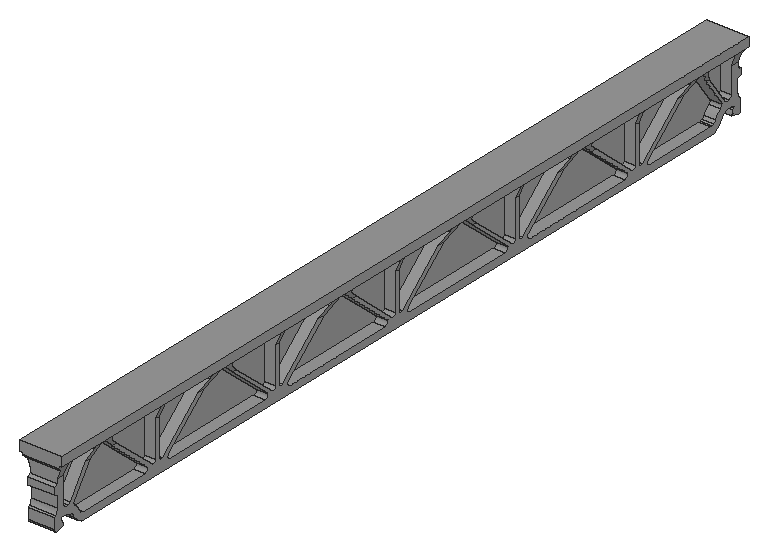
Revit family "CC4_TRANSVERSAL CC TE 1.5_1870035", category Generic Models, Revit 2018
Family settings
  Can host rebar = No
  Round Connector Dimension = Use Diameter
  Part Type = Normal
  OmniClass Number = 35.51.14.00
  OmniClass Title = FORMWORK
  Work Plane-Based = Yes
  Always vertical = No
  Cut with Voids When Loaded = No
  Shared = Yes
  Room Calculation Point = No
Parameters
  VERSION = "20190101"  # constant formula
  URL = "www.ulmaconstruction.com/en"
  UNICLASS = ""
  Manufacturer = "ULMA CONSTRUCTION"  # constant formula
  ITEM_CODE = "1870035"
  FILTER [instance] = ""
  Default Elevation = 0.000 mm
  CLASSIFICATION_TITLE = ""
  CLASSIFICATION_NUMBER = ""
Reference planes
  plane 1 "Centro (Frontal/Posterior)": y = 0
  plane 2: z = 0
  plane 3 "Centro (Izquierda/Derecha)": x = 0
  plane 4 "ITEM_LENGTH": y = 1500
Forms (mm)
  Extrusion 1, solid, material "ULMA POLYPROPYLENE BLACK", detail levels fine
    sketch origin (0, 0, 0) x (1, 0, 0) y (0, 0, 1)
      loop
        line (-32.004, -15) -> (-22, -40.002) -> (-22, -125) -> (22, -125) -> (22, -40.002) -> (32.004, -15) -> (35, -15) -> (35, 0) -> (-35, 0) -> (-35, -15) -> (-32.004, -15)
    from -35 to -1465
  Extrusion 2, void
    sketch origin (0, 1500, 0) x (0, 1, 0) y (0, 0, 1)
      loop
        line (-1446.75, -22) -> (-1446.75, -84)
        arc (-1446.75, -84) -> (-1445.286, -87.536) -> (-1441.75, -89) r 5
        line (-1441.75, -89) -> (-1435.881, -89)
        arc (-1435.881, -89) -> (-1433.573, -88.435) -> (-1431.786, -86.868) r 5
        line (-1431.786, -86.868) -> (-1388.373, -24.868)
        arc (-1388.373, -24.868) -> (-1388.033, -19.691) -> (-1392.468, -17) r 5
        line (-1392.468, -17) -> (-1441.75, -17)
        arc (-1441.75, -17) -> (-1445.286, -18.464) -> (-1446.75, -22) r 5
      loop
        line (-1378.893, -21.791) -> (-1425.046, -87.704)
        arc (-1425.046, -87.704) -> (-1425.872, -91.454) -> (-1423.795, -94.684) r 5
        arc (-1423.795, -94.684) -> (-1417.962, -99.878) -> (-1413.561, -106.332) r 32
        arc (-1413.561, -106.332) -> (-1411.91, -108.649) -> (-1409.674, -110.408) r 10
        line (-1409.674, -110.408) -> (-1406.344, -112.33)
        arc (-1406.344, -112.33) -> (-1405.138, -112.83) -> (-1403.844, -113) r 5
        line (-1403.844, -113) -> (-1274.968, -113)
        arc (-1274.968, -113) -> (-1270.282, -109.744) -> (-1271.699, -104.217) r 5
        line (-1271.699, -104.217) -> (-1368.583, -20.509)
        arc (-1368.583, -20.509) -> (-1374.023, -18.859) -> (-1378.893, -21.791) r 7
      loop
        line (-1353.301, -25.783) -> (-1261.269, -105.299)
        arc (-1261.269, -105.299) -> (-1255.92, -106.062) -> (-1253, -101.516) r 5
        line (-1253, -101.516) -> (-1253, -22)
        arc (-1253, -22) -> (-1254.464, -18.464) -> (-1258, -17) r 5
        line (-1258, -17) -> (-1350.032, -17)
        arc (-1350.032, -17) -> (-1354.718, -20.256) -> (-1353.301, -25.783) r 5
      loop
        line (-1103.301, -25.783) -> (-1011.269, -105.299)
        arc (-1011.269, -105.299) -> (-1005.92, -106.062) -> (-1003, -101.516) r 5
        line (-1003, -101.516) -> (-1003, -22)
        arc (-1003, -22) -> (-1004.464, -18.464) -> (-1008, -17) r 5
        line (-1008, -17) -> (-1100.032, -17)
        arc (-1100.032, -17) -> (-1104.718, -20.256) -> (-1103.301, -25.783) r 5
      loop
        line (-853.301, -25.783) -> (-761.269, -105.299)
        arc (-761.269, -105.299) -> (-755.92, -106.062) -> (-753, -101.516) r 5
        line (-753, -101.516) -> (-753, -22)
        arc (-753, -22) -> (-754.464, -18.464) -> (-758, -17) r 5
        line (-758, -17) -> (-850.032, -17)
        arc (-850.032, -17) -> (-854.718, -20.256) -> (-853.301, -25.783) r 5
      loop
        line (-603.301, -25.783) -> (-511.269, -105.299)
        arc (-511.269, -105.299) -> (-505.92, -106.062) -> (-503, -101.516) r 5
        line (-503, -101.516) -> (-503, -22)
        arc (-503, -22) -> (-504.464, -18.464) -> (-508, -17) r 5
        line (-508, -17) -> (-600.032, -17)
        arc (-600.032, -17) -> (-604.718, -20.256) -> (-603.301, -25.783) r 5
      loop
        line (-353.301, -25.783) -> (-261.269, -105.299)
        arc (-261.269, -105.299) -> (-255.92, -106.062) -> (-253, -101.516) r 5
        line (-253, -101.516) -> (-253, -22)
        arc (-253, -22) -> (-254.464, -18.464) -> (-258, -17) r 5
        line (-258, -17) -> (-350.032, -17)
        arc (-350.032, -17) -> (-354.718, -20.256) -> (-353.301, -25.783) r 5
      loop
        arc (-53.25, -22) -> (-54.714, -18.464) -> (-58.25, -17) r 5
        line (-58.25, -17) -> (-107.532, -17)
        arc (-107.532, -17) -> (-111.967, -19.691) -> (-111.627, -24.868) r 5
        line (-111.627, -24.868) -> (-68.214, -86.868)
        arc (-68.214, -86.868) -> (-66.427, -88.435) -> (-64.119, -89) r 5
        line (-64.119, -89) -> (-58.25, -89)
        arc (-58.25, -89) -> (-54.714, -87.536) -> (-53.25, -84) r 5
        line (-53.25, -84) -> (-53.25, -22)
      loop
        arc (-121.107, -21.791) -> (-125.977, -18.859) -> (-131.417, -20.509) r 7
        line (-131.417, -20.509) -> (-228.301, -104.217)
        arc (-228.301, -104.217) -> (-229.718, -109.744) -> (-225.032, -113) r 5
        line (-225.032, -113) -> (-96.156, -113)
        arc (-96.156, -113) -> (-94.862, -112.83) -> (-93.656, -112.33) r 5
        line (-93.656, -112.33) -> (-90.326, -110.408)
        arc (-90.326, -110.408) -> (-88.09, -108.649) -> (-86.439, -106.332) r 10
        arc (-86.439, -106.332) -> (-82.038, -99.878) -> (-76.205, -94.684) r 32
        arc (-76.205, -94.684) -> (-74.128, -91.454) -> (-74.954, -87.704) r 5
        line (-74.954, -87.704) -> (-121.107, -21.791)
      loop
        arc (-146.699, -25.783) -> (-145.282, -20.256) -> (-149.968, -17) r 5
        line (-149.968, -17) -> (-242, -17)
        arc (-242, -17) -> (-245.536, -18.464) -> (-247, -22) r 5
        line (-247, -22) -> (-247, -101.516)
        arc (-247, -101.516) -> (-244.08, -106.062) -> (-238.731, -105.299) r 5
        line (-238.731, -105.299) -> (-146.699, -25.783)
      loop
        arc (-396.699, -25.783) -> (-395.282, -20.256) -> (-399.968, -17) r 5
        line (-399.968, -17) -> (-492, -17)
        arc (-492, -17) -> (-495.536, -18.464) -> (-497, -22) r 5
        line (-497, -22) -> (-497, -101.516)
        arc (-497, -101.516) -> (-494.08, -106.062) -> (-488.731, -105.299) r 5
        line (-488.731, -105.299) -> (-396.699, -25.783)
      loop
        arc (-646.699, -25.783) -> (-645.282, -20.256) -> (-649.968, -17) r 5
        line (-649.968, -17) -> (-742, -17)
        arc (-742, -17) -> (-745.536, -18.464) -> (-747, -22) r 5
        line (-747, -22) -> (-747, -101.516)
        arc (-747, -101.516) -> (-744.08, -106.062) -> (-738.731, -105.299) r 5
        line (-738.731, -105.299) -> (-646.699, -25.783)
      loop
        arc (-896.699, -25.783) -> (-895.282, -20.256) -> (-899.968, -17) r 5
        line (-899.968, -17) -> (-992, -17)
        arc (-992, -17) -> (-995.536, -18.464) -> (-997, -22) r 5
        line (-997, -22) -> (-997, -101.516)
        arc (-997, -101.516) -> (-994.08, -106.062) -> (-988.731, -105.299) r 5
        line (-988.731, -105.299) -> (-896.699, -25.783)
      loop
        arc (-1146.699, -25.783) -> (-1145.282, -20.256) -> (-1149.968, -17) r 5
        line (-1149.968, -17) -> (-1242, -17)
        arc (-1242, -17) -> (-1245.536, -18.464) -> (-1247, -22) r 5
        line (-1247, -22) -> (-1247, -101.516)
        arc (-1247, -101.516) -> (-1244.08, -106.062) -> (-1238.731, -105.299) r 5
        line (-1238.731, -105.299) -> (-1146.699, -25.783)
      loop
        line (-1129.576, -18.919) -> (-1228.301, -104.217)
        arc (-1228.301, -104.217) -> (-1229.718, -109.744) -> (-1225.032, -113) r 5
        line (-1225.032, -113) -> (-1024.968, -113)
        arc (-1024.968, -113) -> (-1020.282, -109.744) -> (-1021.699, -104.217) r 5
        line (-1021.699, -104.217) -> (-1120.424, -18.919)
        arc (-1120.424, -18.919) -> (-1125, -17.216) -> (-1129.576, -18.919) r 7
      loop
        line (-879.576, -18.919) -> (-978.301, -104.217)
        arc (-978.301, -104.217) -> (-979.718, -109.744) -> (-975.032, -113) r 5
        line (-975.032, -113) -> (-774.968, -113)
        arc (-774.968, -113) -> (-770.282, -109.744) -> (-771.699, -104.217) r 5
        line (-771.699, -104.217) -> (-870.424, -18.919)
        arc (-870.424, -18.919) -> (-875, -17.216) -> (-879.576, -18.919) r 7
      loop
        line (-629.576, -18.919) -> (-728.301, -104.217)
        arc (-728.301, -104.217) -> (-729.718, -109.744) -> (-725.032, -113) r 5
        line (-725.032, -113) -> (-524.968, -113)
        arc (-524.968, -113) -> (-520.282, -109.744) -> (-521.699, -104.217) r 5
        line (-521.699, -104.217) -> (-620.424, -18.919)
        arc (-620.424, -18.919) -> (-625, -17.216) -> (-629.576, -18.919) r 7
      loop
        line (-379.576, -18.919) -> (-478.301, -104.217)
        arc (-478.301, -104.217) -> (-479.718, -109.744) -> (-475.032, -113) r 5
        line (-475.032, -113) -> (-274.968, -113)
        arc (-274.968, -113) -> (-270.282, -109.744) -> (-271.699, -104.217) r 5
        line (-271.699, -104.217) -> (-370.424, -18.919)
        arc (-370.424, -18.919) -> (-375, -17.216) -> (-379.576, -18.919) r 7
    from 1.5 to 35
  Extrusion 3, void
    sketch origin (0, 750, 0) x (0, 1, 0) y (0, 0, 1)
      loop
        line (-708.75, -26.25) -> (-715, -20) -> (-717, -20) -> (-717, -127) -> (-658.399, -127) -> (-658.399, -125) -> (-666.189, -120.503)
        arc (-666.189, -120.503) -> (-670.762, -116.88) -> (-674.095, -112.091) r 20
        arc (-674.095, -112.091) -> (-681.47, -103.997) -> (-692.001, -101) r 20
        line (-692.001, -101) -> (-699.856, -101)
        arc (-699.856, -101) -> (-702.166, -102.543) -> (-701.624, -105.268) r 2.5
        line (-701.624, -105.268) -> (-699.091, -107.8)
        arc (-699.091, -107.8) -> (-697.924, -111.318) -> (-697.501, -115) r 18
        line (-697.501, -115) -> (-708.965, -118.072)
        arc (-708.965, -118.072) -> (-712.435, -117.381) -> (-714, -114.208) r 4
        line (-714, -114.208) -> (-714, -96.421) -> (-711.759, -93.751)
        arc (-711.759, -93.751) -> (-709.155, -89.239) -> (-708.25, -84.109) r 15
        line (-708.25, -84.109) -> (-708.25, -65.553) -> (-714.75, -61.8) -> (-714.75, -50.8) -> (-708.75, -47.336) -> (-708.75, -26.25)
    from -35 to 35
  Extrusion 4, void
    sketch origin (0, 750, 0) x (0, -1, 0) y (0, 0, -1)
      loop
        line (-708.75, 26.25) -> (-708.75, 47.336) -> (-714.75, 50.8) -> (-714.75, 61.8) -> (-708.25, 65.553) -> (-708.25, 84.109)
        arc (-708.25, 84.109) -> (-709.155, 89.239) -> (-711.759, 93.751) r 15
        line (-711.759, 93.751) -> (-714, 96.421) -> (-714, 114.208)
        arc (-714, 114.208) -> (-712.435, 117.381) -> (-708.965, 118.072) r 4
        line (-708.965, 118.072) -> (-697.501, 115)
        arc (-697.501, 115) -> (-697.924, 111.318) -> (-699.091, 107.8) r 18
        line (-699.091, 107.8) -> (-701.624, 105.268)
        arc (-701.624, 105.268) -> (-702.166, 102.543) -> (-699.856, 101) r 2.5
        line (-699.856, 101) -> (-692.001, 101)
        arc (-692.001, 101) -> (-681.47, 103.997) -> (-674.095, 112.091) r 20
        arc (-674.095, 112.091) -> (-670.762, 116.88) -> (-666.189, 120.503) r 20
        line (-666.189, 120.503) -> (-658.399, 125) -> (-658.399, 127) -> (-717, 127) -> (-717, 20) -> (-715, 20) -> (-708.75, 26.25)
    from -35 to 35
  Extrusion 5, void
    sketch origin (0, 1500, 0) x (0, 1, 0) y (0, 0, -1)
      loop
        arc (-1446.75, 22) -> (-1445.286, 18.464) -> (-1441.75, 17) r 5
        line (-1441.75, 17) -> (-1392.468, 17)
        arc (-1392.468, 17) -> (-1388.033, 19.691) -> (-1388.373, 24.868) r 5
        line (-1388.373, 24.868) -> (-1431.786, 86.868)
        arc (-1431.786, 86.868) -> (-1433.573, 88.435) -> (-1435.881, 89) r 5
        line (-1435.881, 89) -> (-1441.75, 89)
        arc (-1441.75, 89) -> (-1445.286, 87.536) -> (-1446.75, 84) r 5
        line (-1446.75, 84) -> (-1446.75, 22)
      loop
        arc (-1378.893, 21.791) -> (-1374.023, 18.859) -> (-1368.583, 20.509) r 7
        line (-1368.583, 20.509) -> (-1271.699, 104.217)
        arc (-1271.699, 104.217) -> (-1270.282, 109.744) -> (-1274.968, 113) r 5
        line (-1274.968, 113) -> (-1403.844, 113)
        arc (-1403.844, 113) -> (-1405.138, 112.83) -> (-1406.344, 112.33) r 5
        line (-1406.344, 112.33) -> (-1409.674, 110.408)
        arc (-1409.674, 110.408) -> (-1411.91, 108.649) -> (-1413.561, 106.332) r 10
        arc (-1413.561, 106.332) -> (-1417.962, 99.878) -> (-1423.795, 94.684) r 32
        arc (-1423.795, 94.684) -> (-1425.872, 91.454) -> (-1425.046, 87.704) r 5
        line (-1425.046, 87.704) -> (-1378.893, 21.791)
      loop
        arc (-1353.301, 25.783) -> (-1354.718, 20.256) -> (-1350.032, 17) r 5
        line (-1350.032, 17) -> (-1258, 17)
        arc (-1258, 17) -> (-1254.464, 18.464) -> (-1253, 22) r 5
        line (-1253, 22) -> (-1253, 101.516)
        arc (-1253, 101.516) -> (-1255.92, 106.062) -> (-1261.269, 105.299) r 5
        line (-1261.269, 105.299) -> (-1353.301, 25.783)
      loop
        arc (-1103.301, 25.783) -> (-1104.718, 20.256) -> (-1100.032, 17) r 5
        line (-1100.032, 17) -> (-1008, 17)
        arc (-1008, 17) -> (-1004.464, 18.464) -> (-1003, 22) r 5
        line (-1003, 22) -> (-1003, 101.516)
        arc (-1003, 101.516) -> (-1005.92, 106.062) -> (-1011.269, 105.299) r 5
        line (-1011.269, 105.299) -> (-1103.301, 25.783)
      loop
        arc (-853.301, 25.783) -> (-854.718, 20.256) -> (-850.032, 17) r 5
        line (-850.032, 17) -> (-758, 17)
        arc (-758, 17) -> (-754.464, 18.464) -> (-753, 22) r 5
        line (-753, 22) -> (-753, 101.516)
        arc (-753, 101.516) -> (-755.92, 106.062) -> (-761.269, 105.299) r 5
        line (-761.269, 105.299) -> (-853.301, 25.783)
      loop
        arc (-603.301, 25.783) -> (-604.718, 20.256) -> (-600.032, 17) r 5
        line (-600.032, 17) -> (-508, 17)
        arc (-508, 17) -> (-504.464, 18.464) -> (-503, 22) r 5
        line (-503, 22) -> (-503, 101.516)
        arc (-503, 101.516) -> (-505.92, 106.062) -> (-511.269, 105.299) r 5
        line (-511.269, 105.299) -> (-603.301, 25.783)
      loop
        arc (-353.301, 25.783) -> (-354.718, 20.256) -> (-350.032, 17) r 5
        line (-350.032, 17) -> (-258, 17)
        arc (-258, 17) -> (-254.464, 18.464) -> (-253, 22) r 5
        line (-253, 22) -> (-253, 101.516)
        arc (-253, 101.516) -> (-255.92, 106.062) -> (-261.269, 105.299) r 5
        line (-261.269, 105.299) -> (-353.301, 25.783)
      loop
        line (-53.25, 22) -> (-53.25, 84)
        arc (-53.25, 84) -> (-54.714, 87.536) -> (-58.25, 89) r 5
        line (-58.25, 89) -> (-64.119, 89)
        arc (-64.119, 89) -> (-66.427, 88.435) -> (-68.214, 86.868) r 5
        line (-68.214, 86.868) -> (-111.627, 24.868)
        arc (-111.627, 24.868) -> (-111.967, 19.691) -> (-107.532, 17) r 5
        line (-107.532, 17) -> (-58.25, 17)
        arc (-58.25, 17) -> (-54.714, 18.464) -> (-53.25, 22) r 5
      loop
        line (-121.107, 21.791) -> (-74.954, 87.704)
        arc (-74.954, 87.704) -> (-74.128, 91.454) -> (-76.205, 94.684) r 5
        arc (-76.205, 94.684) -> (-82.038, 99.878) -> (-86.439, 106.332) r 32
        arc (-86.439, 106.332) -> (-88.09, 108.649) -> (-90.326, 110.408) r 10
        line (-90.326, 110.408) -> (-93.656, 112.33)
        arc (-93.656, 112.33) -> (-94.862, 112.83) -> (-96.156, 113) r 5
        line (-96.156, 113) -> (-225.032, 113)
        arc (-225.032, 113) -> (-229.718, 109.744) -> (-228.301, 104.217) r 5
        line (-228.301, 104.217) -> (-131.417, 20.509)
        arc (-131.417, 20.509) -> (-125.977, 18.859) -> (-121.107, 21.791) r 7
      loop
        line (-146.699, 25.783) -> (-238.731, 105.299)
        arc (-238.731, 105.299) -> (-244.08, 106.062) -> (-247, 101.516) r 5
        line (-247, 101.516) -> (-247, 22)
        arc (-247, 22) -> (-245.536, 18.464) -> (-242, 17) r 5
        line (-242, 17) -> (-149.968, 17)
        arc (-149.968, 17) -> (-145.282, 20.256) -> (-146.699, 25.783) r 5
      loop
        line (-396.699, 25.783) -> (-488.731, 105.299)
        arc (-488.731, 105.299) -> (-494.08, 106.062) -> (-497, 101.516) r 5
        line (-497, 101.516) -> (-497, 22)
        arc (-497, 22) -> (-495.536, 18.464) -> (-492, 17) r 5
        line (-492, 17) -> (-399.968, 17)
        arc (-399.968, 17) -> (-395.282, 20.256) -> (-396.699, 25.783) r 5
      loop
        line (-646.699, 25.783) -> (-738.731, 105.299)
        arc (-738.731, 105.299) -> (-744.08, 106.062) -> (-747, 101.516) r 5
        line (-747, 101.516) -> (-747, 22)
        arc (-747, 22) -> (-745.536, 18.464) -> (-742, 17) r 5
        line (-742, 17) -> (-649.968, 17)
        arc (-649.968, 17) -> (-645.282, 20.256) -> (-646.699, 25.783) r 5
      loop
        line (-896.699, 25.783) -> (-988.731, 105.299)
        arc (-988.731, 105.299) -> (-994.08, 106.062) -> (-997, 101.516) r 5
        line (-997, 101.516) -> (-997, 22)
        arc (-997, 22) -> (-995.536, 18.464) -> (-992, 17) r 5
        line (-992, 17) -> (-899.968, 17)
        arc (-899.968, 17) -> (-895.282, 20.256) -> (-896.699, 25.783) r 5
      loop
        line (-1146.699, 25.783) -> (-1238.731, 105.299)
        arc (-1238.731, 105.299) -> (-1244.08, 106.062) -> (-1247, 101.516) r 5
        line (-1247, 101.516) -> (-1247, 22)
        arc (-1247, 22) -> (-1245.536, 18.464) -> (-1242, 17) r 5
        line (-1242, 17) -> (-1149.968, 17)
        arc (-1149.968, 17) -> (-1145.282, 20.256) -> (-1146.699, 25.783) r 5
      loop
        arc (-1129.576, 18.919) -> (-1125, 17.216) -> (-1120.424, 18.919) r 7
        line (-1120.424, 18.919) -> (-1021.699, 104.217)
        arc (-1021.699, 104.217) -> (-1020.282, 109.744) -> (-1024.968, 113) r 5
        line (-1024.968, 113) -> (-1225.032, 113)
        arc (-1225.032, 113) -> (-1229.718, 109.744) -> (-1228.301, 104.217) r 5
        line (-1228.301, 104.217) -> (-1129.576, 18.919)
      loop
        arc (-879.576, 18.919) -> (-875, 17.216) -> (-870.424, 18.919) r 7
        line (-870.424, 18.919) -> (-771.699, 104.217)
        arc (-771.699, 104.217) -> (-770.282, 109.744) -> (-774.968, 113) r 5
        line (-774.968, 113) -> (-975.032, 113)
        arc (-975.032, 113) -> (-979.718, 109.744) -> (-978.301, 104.217) r 5
        line (-978.301, 104.217) -> (-879.576, 18.919)
      loop
        arc (-629.576, 18.919) -> (-625, 17.216) -> (-620.424, 18.919) r 7
        line (-620.424, 18.919) -> (-521.699, 104.217)
        arc (-521.699, 104.217) -> (-520.282, 109.744) -> (-524.968, 113) r 5
        line (-524.968, 113) -> (-725.032, 113)
        arc (-725.032, 113) -> (-729.718, 109.744) -> (-728.301, 104.217) r 5
        line (-728.301, 104.217) -> (-629.576, 18.919)
      loop
        arc (-379.576, 18.919) -> (-375, 17.216) -> (-370.424, 18.919) r 7
        line (-370.424, 18.919) -> (-271.699, 104.217)
        arc (-271.699, 104.217) -> (-270.282, 109.744) -> (-274.968, 113) r 5
        line (-274.968, 113) -> (-475.032, 113)
        arc (-475.032, 113) -> (-479.718, 109.744) -> (-478.301, 104.217) r 5
        line (-478.301, 104.217) -> (-379.576, 18.919)
    from 1.5 to 35
  Extrusion 6, solid, material "ULMA POLYPROPYLENE BLACK", detail levels medium
    sketch origin (0, 0, 0) x (1, 0, 0) y (0, 0, 1)
      loop
        line (-35, 0) -> (-35, -125) -> (35, -125) -> (35, 0) -> (-35, 0)
    from -1465 to -35
Cuts and joins
  Extrusion 2, Extrusion 3, Extrusion 4, Extrusion 5 cuts Extrusion 1
Lines and regions (mm)
  model lines, style "ULMA TRANSVERSAL CC TE", detail levels coarse
    curve 1: line (0, 90, 0) -> (0, 1410, 0)
Dimensions and locks
  locked: plane 4 "ITEM_LENGTH" to plane 1 "Centro (Frontal/Posterior)" at 1500
  aligned and locked: level to plane 2
